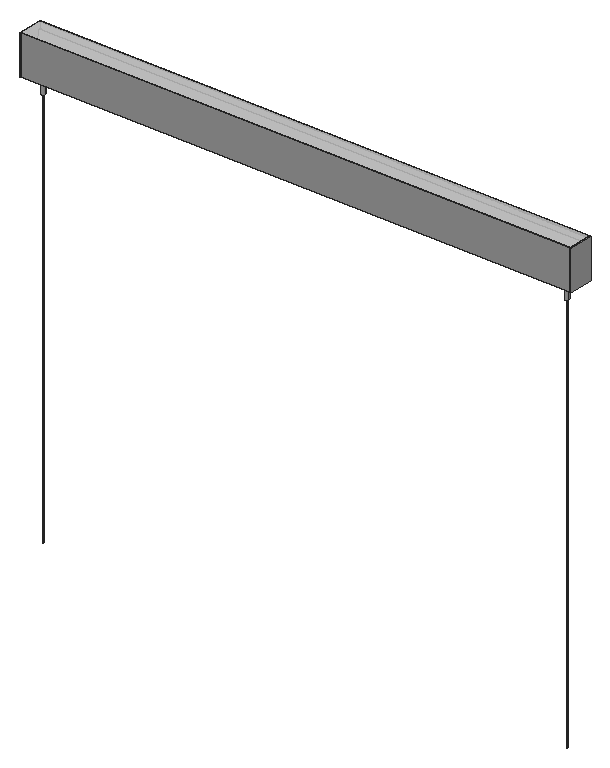
Revit family "2093106 Sylvania Lighting Fixture MC2-KIT D I 1-2M 3K DALIEM WHT OPAL", category Lighting Fixtures, host Face, Revit 2016
Family settings
  Host = Face
  Part Type = Normal
  Round Connector Dimension = Use Diameter
  OmniClass Number = 23.80.70.11.17
  OmniClass Title = Specialized Lighting by Location or Use
  Cut with Voids When Loaded = No
  Light Source = Yes
  Shared = No
  Room Calculation Point = No
Parameters (values of type "2093106 MC2-KIT D/I 1.2M 3K DALIEM WHT OPAL Emergency mode")
  Width_SYL = 54.0 mm
  Weight = "3.8 kg"
  Wattage = 35 W
  WarrantyStartDate [instance] = "n/a"
  WarrantyGuarantorParts = "n/a"
  WarrantyDurationUnit = "n/a"
  WarrantyDurationParts = "n/a"
  WarrantyDescription = "n/a"
  built-in parameter 1150110 = 1 (stored number, unit not read)
  Voltage = 0 V
  URL = "http://www.sylvania-lighting.com"
  TypeName = "MC2-KIT D/I 1.2M 3K DALIEM WHT OPAL Emergency mode"
  built-in parameter 1114217 = 1 (stored number, unit not read)
  Tilt Angle = -90.00°
  built-in parameter 1150109 = 1 (stored number, unit not read)
  built-in parameter 1150134 = (empty or 0)
  built-in parameter 1150113 = 1 (stored number, unit not read)
  SerialNumber [instance] = "n/a"
  PowerFactor = 0.95
  PowerConsumption = "35 W"
  NominalWidth = 0.0 mm
  NominalLength = 1200.0 mm
  NominalHeight = 86.0 mm
  Name = "MC2-KIT D/I 1.2M 3K DALIEM WHT OPAL Emergency mode"
  ModelReference = "MC2-KIT D/I 1.2M 3K DALIEM WHT OPAL"
  ModelNumber = "2093106"
  Material_3_SYL = Metal_Sylvania_Mini Contiuum II_Silver
  Photometric Web File = "2093106EM.ies"
  Material_4_SYL = Metal_Sylvania_Mini Contiuum II_Silver
  MountingHeight_SYL [instance] = 1000.0 mm
  Material = "aluminium housing, polycarbonate diffuser"
  ManufacturerName = "Feilo Sylvania"
  LuminousEfficacy = "3.457 lm/W"
  LuminaireType = ""
  LightOutputRatio = "100"
  Length_SYL = 1200.0 mm
  LampsType = Lamp  # "LED"
  LampNominalLuminous = "121 lm"
  LampMacAdamStep = "3"
  LampColourTemperature = "3000 K"
  LampColourRenderingIndex = "80"
  Keynote = "16500"
  InstallationDate [instance] = "n/a"
  InputVoltage = "n/a"
  InputNominalFrequency = "n/a"
  IngressProtection = "IP20"
  ImpactProtectionIndex = "n/a"
  IfcExportType = "IfcLightFixtureType"
  IfcExportAs = "IfcLightFixtureType"
  Height_SYL = 86.0 mm
  ExpectedLife = 50000
  EndCapRight_SYL = yes
  EndCapLeft_SYL = yes
  Emit from Rectangle Width = Width_SYL - 2.0 mm  # 52.0 mm
  Emit from Rectangle Length = Length_SYL  # 1200.0 mm
  Emit Shape Visible in Rendering = no
  ElectricShockClassification = "Class I"
  DurationUnit = "hours"
  DocumentationLiterature = "http://www.sylvania-lighting.com/product/en-int/products/2093106"
  DimmingControlOptions = "n/a"
  CreatedOn = "10/15/2018"
  CreatedBy = "@sylvania-lighting.com"
  built-in parameter 1114216 [instance] = 1 (stored number, unit not read)
  Model = "MC2-KIT D/I 1.2M 3K DALIEM WHT OPAL"
  Manufacturer = "Feilo Sylvania"
  built-in parameter 1150105 = 9.6289 (stored number, unit not read)
  Lumens = 121 lm
  built-in parameter 1150115 = 1 (stored number, unit not read)
  built-in parameter 1150137 = (empty or 0)
  built-in parameter 1150139 = (empty or 0)
  built-in parameter 1150112 = 1 (stored number, unit not read)
  built-in parameter 1150114 = 1 (stored number, unit not read)
  Lamp = "LED"
  built-in parameter 1150132 = 2
  built-in parameter 1150102 = (empty or 0)
  built-in parameter 1150107 = 3000 (stored number, unit not read)
  built-in parameter 1150138 = (empty or 0)
  built-in parameter 1150106 = 0.096289 (stored number, unit not read)
  Material_1_SYL = Metal_Sylvania_Mini Continuum II_White
  built-in parameter 1150104 = 0.32118 (stored number, unit not read)
  Dimming Lamp Color Temperature Shift = <None>
  Material_2_SYL = Polycarbonate_Sylvania_Mini Continuum II_Opal_4000K
  Description = "2093106   MC2-KIT D/I 1.2M 3K DALIEM WHT OPAL  Continuous lines of LED light, white RAL 9016, direct/indirect distribution (65/35), suspended kit version is pre-wired and supplied complete with end caps and suspension cables, compact and minimalist design based on the Golden Mean, ideal for offices, meeting rooms, corridors, education facilities, museums and libraries, extruded aluminium body, diffuser: opal, colour temperature: 3000K warm white, total system power: 35W, total fixture output: 3833lm, luminaire efficacy: 110lm/W, LOR: 100%, colour rendering: Ra >80, LED Chromacity: 1 step MacAdam ellipse, lifetime: 60,000 hours at 90% of the original output (L90), energy class: A++, A+, A, IR/UV free light source without heat radiation, operating voltage: 220-240V / 50-60Hz, drive current: (Direct) 800mA + (Indirect) 350mA, electronic driver, DALI dimmable, direct/indirect independently addressable, integral emergency: 3 hour maintained, electrical protection: CLASS I, IP20, suitable for internal environment only."
  Default Elevation = 0.0 mm
  Color Filter = 16777215
  built-in parameter 1140040 [instance] = 1
  BarCode [instance] = "n/a"
  built-in parameter 1114218 = 1 (stored number, unit not read)
  built-in parameter 1150133 = 10 (stored number, unit not read)
  AssetType = "Fixed"
  AssetIdentifier [instance] = "n/a"
  Assembly Code = "D5020200"
  Apparent Load = 35 VA
Types (2, lengths in mm): name | TypeName | Name | Photometric Web File | LuminousEfficacy | LampNominalLuminous | built-in parameter 1150105 | Lumens | built-in parameter 1150106 | built-in parameter 1150104
  2093106 MC2-KIT D/I 1.2M 3K DALIEM WHT OPAL Emergency mode | "MC2-KIT D/I 1.2M 3K DALIEM WHT OPAL Emergency mode" | "MC2-KIT D/I 1.2M 3K DALIEM WHT OPAL Emergency mode" | "2093106EM.ies" | "3.457 lm/W" | "121 lm" | 9.6289 (stored number, unit not read) | 121 lm | 0.096289 (stored number, unit not read) | 0.32118 (stored number, unit not read)
  2093106 MC2-KIT D/I 1.2M 3K DALIEM WHT OPAL | "MC2-KIT D/I 1.2M 3K DALIEM WHT OPAL" | "MC2-KIT D/I 1.2M 3K DALIEM WHT OPAL" | "2093106.ies" | "110 lm/W" | "3833 lm" | 306.37 (stored number, unit not read) | 3850 lm | 3.0637 (stored number, unit not read) | 10.219 (stored number, unit not read)
Reference planes
  plane 1 "Center (Front/Back)": y = 0
  plane 2 "Bottom Fixtures": z = 0
  plane 3 "Center (Left/Right)": x = 0
  plane 4 "Fixture Left": x = -600
  plane 5 "Fixture Right": x = 600
  plane 6 "Fixture Bottom": z = 1000
  plane 7: z = 998
  plane 8: z = 996
  plane 9: z = 986.951
  plane 10: z = 956.951
  plane 11 "Fixture Top": z = 914
  plane 12 "Mounting Right": x = 572
  plane 13 "Mounting Left": x = -572
  plane 14: z = 879
  plane 15: y = 27
  plane 16: y = -27
  plane 17: y = -26
  plane 18: y = -25
  plane 19: y = 26
  plane 20: y = 25
  plane 21: y = 11
  plane 22: y = -11
  plane 23: y = 24
  plane 24: y = 22
  plane 25: y = -22
  plane 26: y = 15
  plane 27: y = -15
  plane 28 "Upper Diffuser Left": x = -450
  plane 29 "Upper Diffuser Right": x = 450
  plane 30: x = -602
  plane 31: x = 602
Forms (mm)
  Extrusion 1, solid, material "Metal_Sylvania_Mini Continuum II_White" <- "Material_1_SYL", detail levels fine
    sketch origin (0, 0, 520) x (0, 1, 0) y (0, 0, 1)
      loop
        line (27, 480) -> (26, 480) -> (26, 478) -> (25, 478) -> (25, 396) -> (13, 396) -> (13, 398) -> (-13, 398) -> (-13, 396) -> (-25, 396) -> (-25, 478) -> (-26, 478) -> (-26, 480) -> (-27, 480) -> (-27, 394) -> (-11, 394) -> (-11, 396) -> (11, 396) -> (11, 394) -> (27, 394) -> (27, 480)
    from -600 to 600
  Extrusion 2, solid, material "Polycarbonate_Sylvania_Mini Continuum II_Opal_4000K" <- "Material_2_SYL", detail levels fine
    sketch origin (0, 0, 520) x (0, 1, 0) y (0, 0, 1)
      loop
        line (-26, 480) -> (-26, 478) -> (26, 478) -> (26, 480) -> (-26, 480)
    from -600 to 600
  Extrusion 3, solid, material "Metal_Sylvania_Mini Contiuum II_Silver" <- "Material_3_SYL", detail levels fine
    sketch origin (0, 0, 520) x (0, 1, 0) y (0, 0, 1)
      loop
        line (22, 466.951) -> (20.973, 466.951) -> (14.206, 437.951) -> (11, 437.951) -> (11, 436.951) -> (15, 436.951) -> (22, 466.951)
      loop
        line (-15, 436.951) -> (-11, 436.951) -> (-11, 437.951) -> (-14.206, 437.951) -> (-20.973, 466.951) -> (-22, 466.951) -> (-15, 436.951)
    from -600 to 600
  Extrusion 4, solid, material "Metal_Sylvania_Mini Continuum II_White" <- "Material_1_SYL", detail levels coarse+medium
    sketch origin (0, 0, 520) x (0, 1, 0) y (0, 0, 1)
      loop
        line (-27, 480) -> (-27, 394) -> (27, 394) -> (27, 480) -> (-27, 480)
    from -600 to 600
  Extrusion 5, solid, material "Metal_Sylvania_Mini Contiuum II_Silver" <- "Material_4_SYL", detail levels fine
    sketch origin (0, 0, -86) x (-1, 0, 0) y (0, -1, 0)
      loop
        circle (572, 0) r 4
      loop
        circle (-572, 0) r 4
    from 965 to 1002
  Extrusion 6, solid, material "Metal_Sylvania_Mini Contiuum II_Silver" <- "Material_4_SYL", detail levels fine
    sketch origin (0, 0, -86) x (-1, 0, 0) y (0, -1, 0)
      loop
        circle (-572, 0) r 1
      loop
        circle (572, 0) r 1
    from 86 to 965
  Extrusion 7, solid, material "Polycarbonate_Sylvania_Mini Continuum II_Opal_4000K" <- "Material_2_SYL", detail levels fine
    sketch origin (0, 0, 0) x (0, 1, 0) y (0, 0, 1)
      loop
        arc (11, 916) -> (5.59, 914.504) -> (0, 914) r 31.25
        arc (0, 914) -> (-5.59, 914.504) -> (-11, 916) r 31.25
        line (-11, 916) -> (-11, 914.934)
        arc (-11, 914.934) -> (-5.584, 913.487) -> (0, 913) r 32.25
        arc (0, 913) -> (5.584, 913.487) -> (11, 914.934) r 32.25
        line (11, 914.934) -> (11, 916)
    from -450 to 450
  Extrusion 8, void
    sketch origin (0, 0, 0) x (0, 1, 0) y (0, 0, 1)
      loop
        line (11, 918) -> (-11, 918) -> (-11, 916) -> (11, 916) -> (11, 918)
    from -450 to 450
  Extrusion 9, solid, material "Metal_Sylvania_Mini Continuum II_White" <- "Material_1_SYL", visible <- "EndCapLeft_SYL"
    sketch origin (-600, 171.684, 1219.2) x (0, 1, 0) y (0, 0, 1)
      loop
        line (-198.684, -305.2) -> (-144.684, -305.2) -> (-144.684, -219.2) -> (-198.684, -219.2) -> (-198.684, -305.2)
    from 0 to -2
  Extrusion 10, solid, material "Metal_Sylvania_Mini Continuum II_White" <- "Material_1_SYL", visible <- "EndCapRight_SYL"
    sketch origin (600, 171.684, 1219.2) x (0, 1, 0) y (0, 0, -1)
      loop
        line (-144.684, 219.2) -> (-144.684, 305.2) -> (-198.684, 305.2) -> (-198.684, 219.2) -> (-144.684, 219.2)
    from 0 to -2
Cuts and joins
  Extrusion 8 cuts Extrusion 1
Lines and regions (mm)
  Masking region 1
    outline origin (0, 0, -86) x (-1, 0, 0) y (0, -1, 0)
      loop
        line (600, -27) -> (600, 27) -> (-600, 27) -> (-600, -27) -> (600, -27)
  symbolic lines, detail levels fine
    curve 1: line (-600, 26, -86) -> (600, 26, -86)
    curve 2: line (-600, -26, -86) -> (600, -26, -86)
  model lines, detail levels coarse+medium
    curve 3: line (-572, 0, 914) -> (-572, 0, 0)
    curve 4: line (572, 0, 914) -> (572, 0, 0)
Dimensions and locks
  host sketch curve to plane 3 "Center (Left/Right)" to host sketch curve = 820.0 mm, 775.047 mm
  equal spacing: plane 4 "Fixture Left", plane 3 "Center (Left/Right)", plane 5 "Fixture Right"
  "Length_SYL": plane 4 "Fixture Left" to plane 5 "Fixture Right"
  plane 6 "Fixture Bottom" to plane 7 to plane 8 to plane 9 to plane 10 = 2.0 mm locked, 2.0 mm locked, 9.049 mm locked, 30.0 mm locked
  locked: Extrusion 1 sketch curve to Extrusion 1 sketch curve at 2
  locked: Extrusion 1 sketch curve to plane 11 "Fixture Top" at 2
  "Height_SYL": plane 6 "Fixture Bottom" to plane 11 "Fixture Top"
  locked: plane 12 "Mounting Right" to plane 5 "Fixture Right" at 28
  locked: plane 4 "Fixture Left" to plane 13 "Mounting Left" at 28
  locked: plane 11 "Fixture Top" to plane 14 at 35
  "MountingHeight_SYL": plane 6 "Fixture Bottom" to plane 2 "Bottom Fixtures"
  equal spacing: plane 15, plane 1 "Center (Front/Back)", plane 16
  "Width_SYL": plane 15 to plane 16
  plane 22 to plane 27 to plane 25 to plane 18 to plane 17 to plane 16 = 4.0 mm locked, 7.0 mm locked, 3.0 mm locked, 1.0 mm locked, 1.0 mm locked
  plane 15 to plane 19 to plane 20 to plane 23 to plane 24 to plane 26 to plane 21 = 1.0 mm locked, 1.0 mm locked, 1.0 mm locked, 2.0 mm locked, 7.0 mm locked, 4.0 mm locked
  locked: plane 4 "Fixture Left" to plane 28 "Upper Diffuser Left" at 150
  locked: plane 29 "Upper Diffuser Right" to plane 5 "Fixture Right" at 150
  equal spacing: plane 30, plane 3 "Center (Left/Right)", plane 31
  locked: plane 30 to plane 4 "Fixture Left" at 2
  aligned and locked: plane 2 "Bottom Fixtures" to host face
  aligned and locked: level to host face
  aligned and locked: plane 5 "Fixture Right" to curve 1
  aligned and locked: plane 4 "Fixture Left" to curve 1
  aligned and locked: plane 4 "Fixture Left" to curve 2
  aligned and locked: plane 5 "Fixture Right" to curve 2
  aligned and locked: Extrusion 1 sketch curve to plane 7
  aligned and locked: plane 6 "Fixture Bottom" to Extrusion 1 sketch curve  (x2)
  aligned and locked: plane 7 to Extrusion 1 sketch curve
  aligned and locked: Extrusion 1 to Extrusion 2 sketch curve
  aligned and locked: Extrusion 2 sketch curve to Extrusion 1  (x3)
  aligned and locked: Extrusion 3 sketch curve to plane 10
  aligned and locked: plane 9 to Extrusion 3 sketch curve
  aligned and locked: Extrusion 3 sketch curve to plane 9
  aligned and locked: Extrusion 4 sketch curve to plane 6 "Fixture Bottom"
  aligned and locked: Extrusion 4 to plane 4 "Fixture Left"
  aligned and locked: Extrusion 2 to plane 4 "Fixture Left"
  aligned and locked: Extrusion 3 to plane 4 "Fixture Left"
  aligned and locked: Extrusion 1 to plane 4 "Fixture Left"
  aligned and locked: Extrusion 4 to plane 5 "Fixture Right"
  aligned and locked: Extrusion 2 to plane 5 "Fixture Right"
  aligned and locked: Extrusion 3 to plane 5 "Fixture Right"
  aligned and locked: Extrusion 1 to plane 5 "Fixture Right"
  aligned and locked: plane 11 "Fixture Top" to Extrusion 4 sketch curve
  aligned and locked: Extrusion 1 sketch curve to plane 11 "Fixture Top"  (x2)
  aligned and locked: Extrusion 1 sketch curve to Extrusion 1 sketch curve
  aligned and locked: plane 6 "Fixture Bottom" to imposter light
  aligned and locked: plane 11 "Fixture Top" to curve 3
  aligned and locked: plane 2 "Bottom Fixtures" to curve 3
  aligned and locked: plane 11 "Fixture Top" to curve 4
  aligned and locked: plane 2 "Bottom Fixtures" to curve 4
  aligned and locked: curve 4 to plane 12 "Mounting Right"
  aligned and locked: curve 3 to plane 13 "Mounting Left"
  aligned and locked: Extrusion 5 to Extrusion 1
  aligned and locked: Extrusion 5 to plane 14
  aligned and locked: plane 14 to Extrusion 6
  aligned and locked: Extrusion 6 to level
  aligned and locked: plane 11 "Fixture Top" to Extrusion 7 sketch curve
  aligned and locked: Extrusion 7 to plane 28 "Upper Diffuser Left"
  aligned and locked: Extrusion 7 to plane 29 "Upper Diffuser Right"
  aligned and locked: plane 21 to Extrusion 3 sketch curve
  aligned and locked: Extrusion 3 sketch curve to plane 22
  aligned and locked: Extrusion 8 sketch curve to plane 21
  aligned and locked: Extrusion 8 sketch curve to plane 22
  aligned and locked: Extrusion 8 sketch curve to Extrusion 1  (x2)
  aligned and locked: Extrusion 8 to Extrusion 7  (x2)
  aligned and locked: plane 21 to Extrusion 7 sketch curve
  aligned and locked: plane 1 "Center (Front/Back)" to Extrusion 7 sketch curve
  aligned and locked: plane 22 to Extrusion 7 sketch curve
  aligned and locked: Extrusion 9 sketch curve to Extrusion 4  (x4)
  aligned and locked: Extrusion 9 to plane 30
  aligned and locked: plane 4 "Fixture Left" to Extrusion 9
  aligned and locked: Extrusion 10 sketch curve to Extrusion 4  (x4)
  aligned and locked: plane 31 to Extrusion 10
  aligned and locked: plane 5 "Fixture Right" to Extrusion 10
Automatic sketch dimensions
  host sketch curve to host sketch curve = 1047.463 mm
  plane 19 to curve 1 = 0.0 mm
  curve 2 to plane 17 = 0.0 mm
  Masking region 1 sketch curve to plane 5 "Fixture Right" = 0.0 mm
  Masking region 1 sketch curve to plane 4 "Fixture Left" = 0.0 mm
  plane 15 to Masking region 1 sketch curve = 0.0 mm
  Masking region 1 sketch curve to plane 16 = 0.0 mm
  Extrusion 1 sketch curve to plane 16 = 0.0 mm
  Extrusion 1 sketch curve to plane 17 = 0.0 mm
  Extrusion 1 sketch curve to plane 18 = 0.0 mm
  Extrusion 1 sketch curve to plane 22 = 0.0 mm
  Extrusion 1 sketch curve to plane 21 = 0.0 mm
  Extrusion 1 sketch curve to plane 20 = 0.0 mm
  Extrusion 1 sketch curve to plane 19 = 0.0 mm
  Extrusion 1 sketch curve to plane 15 = 0.0 mm
  plane 11 "Fixture Top" to Extrusion 1 sketch curve = 2.0 mm
  Extrusion 1 sketch curve to plane 22 = 2.0 mm
  Extrusion 1 sketch curve to plane 21 = 2.0 mm
  Extrusion 3 sketch curve to plane 25 = 0.0 mm
  Extrusion 3 sketch curve to plane 27 = 0.0 mm
  Extrusion 3 sketch curve to plane 26 = 0.0 mm
  Extrusion 3 sketch curve to plane 24 = 0.0 mm
  plane 10 to Extrusion 3 sketch curve = 1.0 mm
  Extrusion 3 sketch curve to Extrusion 3 sketch curve = 1.027 mm
  plane 27 to Extrusion 3 sketch curve = 0.794 mm
  plane 26 to Extrusion 3 sketch curve = 0.794 mm
  plane 24 to Extrusion 3 sketch curve = 1.027 mm
  Extrusion 4 sketch curve to plane 16 = 0.0 mm
  Extrusion 4 sketch curve to plane 15 = 0.0 mm
  plane 1 "Center (Front/Back)" to Extrusion 5 sketch curve = 0.0 mm  (x2)
  Extrusion 5 sketch curve to plane 12 "Mounting Right" = 0.0 mm
  Extrusion 5 sketch curve to plane 13 "Mounting Left" = 0.0 mm
  plane 1 "Center (Front/Back)" to Extrusion 6 sketch curve = 0.0 mm  (x2)
  Extrusion 6 sketch curve to plane 12 "Mounting Right" = 0.0 mm
  Extrusion 6 sketch curve to plane 13 "Mounting Left" = 0.0 mm
  Extrusion 7 sketch curve to Extrusion 7 sketch curve = 0.0 mm  (x4)
  plane 11 "Fixture Top" to Extrusion 7 sketch curve = 0.934 mm
  Extrusion 3 sketch curve to Extrusion 3 sketch curve = 0.0 mm
  Extrusion 3 sketch curve to plane 10 = 0.0 mm
  plane 11 "Fixture Top" to Extrusion 7 sketch curve = 2.0 mm
  radius of Extrusion 5 sketch curve = 4.0 mm  (x2)
  radius of Extrusion 6 sketch curve = 1.0 mm  (x2)
Connectors
  electrical at (600, 0, 949), driven by "Apparent Load"
    settings: on Extrusion 1, index 1, voltage 230 V, apparent load 0 VA, apparent load phase1 35 VA, apparent load phase2 0 VA, apparent load phase3 0 VA, power factor 1, load classification "Lighting", number of poles 1, system type 31, power factor state 1, is connector primary yes, connector utility no, sub classification motor no, connector description ""
